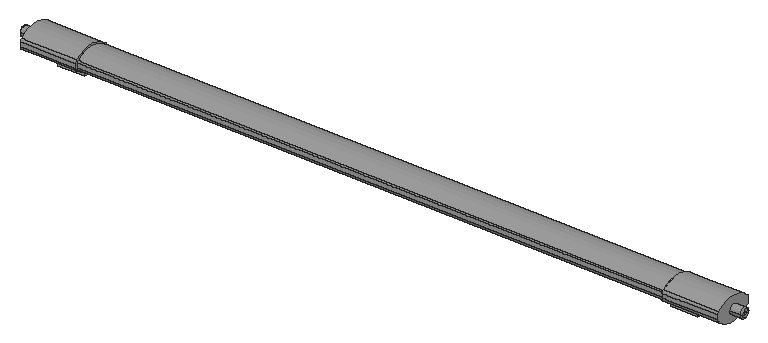
Revit family "0045157 Feilo Sylvania Lighting Fixture START BATTEN  IP65 48W 1500 4K", category Lighting Fixtures, host Face, Revit 2017
Family settings
  Host = Face
  Round Connector Dimension = Use Diameter
  Part Type = Normal
  OmniClass Number = 23.80.70.00
  OmniClass Title = Lighting
  Cut with Voids When Loaded = No
  Light Source = Yes
  Shared = No
  Room Calculation Point = No
Parameters (values of type "0045157 START BATTEN  IP65 48W 1500 4K")
  Weight = "12.213 kg"
  Wattage Comments = ""
  Wattage = 48 W
  WarrantyStartDate [instance] = "n/a"
  WarrantyGuarantorParts = "n/a"
  WarrantyDurationUnit = "n/a"
  WarrantyDurationParts = "n/a"
  WarrantyDescription = "n/a"
  built-in parameter 1150110 = 1 (stored number, unit not read)
  Voltage = 230 V
  URL = "http://www.sylvania-lighting.com"
  TypeName = "START BATTEN  IP65 48W 1500 4K"
  Type Image = <None>
  Type Comments = "n/a"
  built-in parameter 1114217 = 1 (stored number, unit not read)
  Tilt Angle = -90.00°
  built-in parameter 1150109 = 1 (stored number, unit not read)
  built-in parameter 1150134 = 12
  built-in parameter 1150113 = 1 (stored number, unit not read)
  SerialNumber [instance] = "n/a"
  RadiusGlandOuter_FEILO = 10 mm
  RadiusGlandInner_FEILO = 5 mm
  RadiusBody_FEILO = 7 mm
  Photometric Web File = "0045157.ies"
  Material_3_FEILO = none
  PowerFactor = 0
  PowerConsumption = "48 W"
  NominalLength = 1500 mm
  NominalHeight = 53.6 mm
  NominalDepth = 80 mm
  Name = "START BATTEN  IP65 48W 1500 4K"
  ModelReference = Name  # "START BATTEN  IP65 48W 1500 4K"
  ModelNumber = "0045157"
  Model = Name  # "START BATTEN  IP65 48W 1500 4K"
  Material = "polycarbonate housing, pc diffuser"
  ManufacturerName = "Feilo Sylvania"
  Manufacturer = "Feilo Sylvania"
  LuminousEfficacy = "125 lm/W"
  built-in parameter 1150105 = 1591.7 (stored number, unit not read)
  Lumens = 6000 lm
  LuminaireType = ""
  built-in parameter 1150115 = 1 (stored number, unit not read)
  Long_FEILO = yes
  LightOutputRatio = "100"
  built-in parameter 1150137 = (empty or 0)
  built-in parameter 1150139 = (empty or 0)
  LampsType = Lamp  # "LED"
  LampNominalLuminous = "6000 lm"
  LampMacAdamStep = "n/a"
  LampColourTemperature = "4000 K"
  LampColourRenderingIndex = "80"
  built-in parameter 1150112 = 1 (stored number, unit not read)
  built-in parameter 1150114 = 1 (stored number, unit not read)
  Lamp = "LED"
  L3_FEILO = if(Long_FEILO, 1378 mm, 1078 mm)  # 1378 mm
  L2_FEILO = if(Long_FEILO, 1500 mm, 1200 mm)  # 1500 mm
  L1_FEILO = if(Long_FEILO, 1553 mm, 1253 mm)  # 1553 mm
  Keynote = "16500"
  InstallationDate [instance] = "n/a"
  InputVoltage = "220-240V~"
  InputNominalFrequency = "50/60 Hz"
  built-in parameter 1150132 = (empty or 0)
  built-in parameter 1150102 = (empty or 0)
  built-in parameter 1150107 = 4000 (stored number, unit not read)
  built-in parameter 1150138 = (empty or 0)
  IngressProtection = "IP65"
  ImpactProtectionIndex = "IK08"
  built-in parameter 1150106 = 15.917 (stored number, unit not read)
  IfcExportType = "IfcLightFixtureType"
  IfcExportAs = "IfcLightFixtureType"
  ExpectedLife = 50000
  Emit from Rectangle Width = 40 mm
  Emit from Rectangle Length = L3_FEILO - 116 mm  # 1262 mm
  Emit Shape Visible in Rendering = no
  ElectricShockClassification = "Class II"
  built-in parameter 1150104 = 11.613 (stored number, unit not read)
  DurationUnit = "hours"
  DocumentationLiterature = "http://www.sylvania-lighting.com/product/en-int/products/0045157"
  DimmingControlOptions = "n/a"
  Material_2_FEILO = Diffuser-Sylvania-StartBatten
  Dimming Lamp Color Temperature Shift = <None>
  Description = "The new upgraded Start Batten IP65 ( upgraded version of Batten LED LINK) is a versatile range of slimline LED waterproof luminaires that provide an ideal solution for interior and exterior applications such as workshops, garages and outdoor covered spaces. The  design allows the luminaire to be easily linked to another luminaire through an IP65 rated connector. The performance of the range  has been significantly improved ,  for example Start Twin Batten IP65 LED delivers  a performance of up to 6000lm (125lm/W). Available in 1200mm and 1500mm lengths (approx.) - the product can be a slimline replacement for single and twin 36W/58W fluorescent waterproof battens."
  Default Elevation = 1219.2 mm
  CreatedOn = "3/8/2018"
  CreatedBy = ""
  Cost = 0
  Color Filter = 16777215
  built-in parameter 1114216 [instance] = (empty or 0)
  ClassificationValue = "EF_70_80"
  ClassificationName = "Uniclass2015"
  Material_1_FEILO = Body-Sylvania-StartBatten
  BarCode [instance] = "n/a"
  built-in parameter 1114218 = 1 (stored number, unit not read)
  built-in parameter 1150133 = 10 (stored number, unit not read)
  AssetType = "Fixed"
  AssetIdentifier [instance] = "n/a"
  Assembly Code = "D5020200"
  Apparent Load = 48 VA
  Material_4_FEILO = none
Reference planes
  plane 1 "Center (Front/Back)": y = 0
  plane 2: z = 0
  plane 3 "Center (Left/Right)": x = 0
  plane 4: y = 40
  plane 5: y = -40
  plane 6: z = 54
  plane 7: z = 29.5
  plane 8: y = 18
  plane 9: y = -18
  plane 10: z = 37.5
  plane 11: z = 21.5
  plane 12: x = 689
  plane 13: x = -689
  plane 14: x = 750
  plane 15: x = -750
  plane 16: x = 776.5
  plane 17: x = -776.5
  plane 18: x = 631
  plane 19: x = -631
  plane 20: z = 5
  plane 21: y = 5
  plane 22: y = 10
Forms (mm)
  Extrusion 1, solid, material "Body-Sylvania-StartBatten" <- "Material_1_FEILO"
    sketch origin (631, 1524, 1219.2) x (0, 1, 0) y (0, 0, 1)
      loop
        arc (-1561.645, -1179.488) -> (-1563.384, -1181.854) -> (-1564, -1184.725) r 7
        line (-1564, -1184.725) -> (-1564, -1194.675)
        arc (-1564, -1194.675) -> (-1563.384, -1197.546) -> (-1561.645, -1199.912) r 7
        arc (-1561.645, -1199.912) -> (-1524, -1214.2) -> (-1486.355, -1199.912) r 56.735
        arc (-1486.355, -1199.912) -> (-1484.616, -1197.546) -> (-1484, -1194.675) r 7
        line (-1484, -1194.675) -> (-1484, -1184.725)
        arc (-1484, -1184.725) -> (-1484.616, -1181.854) -> (-1486.355, -1179.488) r 7
        arc (-1486.355, -1179.488) -> (-1524, -1165.2) -> (-1561.645, -1179.488) r 56.735
    from 0 to 119
  Extrusion 2, solid, material "Body-Sylvania-StartBatten" <- "Material_1_FEILO"
    sketch origin (-631, 1524, 1219.2) x (0, 1, 0) y (0, 0, 1)
      loop
        arc (-1486.355, -1179.488) -> (-1524, -1165.2) -> (-1561.645, -1179.488) r 56.735
        arc (-1561.645, -1179.488) -> (-1563.384, -1181.854) -> (-1564, -1184.725) r 7
        line (-1564, -1184.725) -> (-1564, -1194.675)
        arc (-1564, -1194.675) -> (-1563.384, -1197.546) -> (-1561.645, -1199.912) r 7
        arc (-1561.645, -1199.912) -> (-1524, -1214.2) -> (-1486.355, -1199.912) r 56.735
        arc (-1486.355, -1199.912) -> (-1484.616, -1197.546) -> (-1484, -1194.675) r 7
        line (-1484, -1194.675) -> (-1484, -1184.725)
        arc (-1484, -1184.725) -> (-1484.616, -1181.854) -> (-1486.355, -1179.488) r 7
    from -119 to 0
  Extrusion 3, solid, material "Diffuser-Sylvania-StartBatten" <- "Material_2_FEILO"
    sketch origin (0, 0, 0) x (0, 1, 0) y (0, 0, 1)
      loop
        arc (36.318, 38.216) -> (0, 52) -> (-36.318, 38.216) r 54.735
        arc (-36.318, 38.216) -> (-37.56, 36.526) -> (-38, 34.475) r 5
        line (-38, 34.475) -> (-38, 24.525)
        arc (-38, 24.525) -> (-37.56, 22.474) -> (-36.318, 20.784) r 5
        arc (-36.318, 20.784) -> (0, 7) -> (36.318, 20.784) r 54.735
        arc (36.318, 20.784) -> (37.56, 22.474) -> (38, 24.525) r 5
        line (38, 24.525) -> (38, 34.475)
        arc (38, 34.475) -> (37.56, 36.526) -> (36.318, 38.216) r 5
    from -631 to 631
  Extrusion 4, solid, material "Body-Sylvania-StartBatten" <- "Material_1_FEILO"
    sketch origin (689, 1524, 1219.2) x (0, 1, 0) y (0, 0, 1)
      loop
        line (-1506, -1219.2) -> (-1506, -1189.7) -> (-1542, -1189.7) -> (-1542, -1219.2) -> (-1506, -1219.2)
    from 0 to -58
  Extrusion 5, solid, material "Body-Sylvania-StartBatten" <- "Material_1_FEILO"
    sketch origin (-689, 1524, 1219.2) x (0, 1, 0) y (0, 0, 1)
      loop
        line (-1506, -1219.2) -> (-1506, -1189.7) -> (-1542, -1189.7) -> (-1542, -1219.2) -> (-1506, -1219.2)
    from 0 to 58
  Revolve 6, solid, material "Body-Sylvania-StartBatten" <- "Material_1_FEILO"
    sketch origin (0, 1219.2, 29.5) x (1, 0, 0) y (0, 1, 0)
      loop
        line (-750, -1219.2) -> (-750, -1209.2) -> (-774, -1209.2)
        arc (-774, -1209.2) -> (-775.768, -1209.932) -> (-776.5, -1211.7) r 2.5
        line (-776.5, -1211.7) -> (-776.5, -1214.2) -> (-766.5, -1214.2) -> (-766.5, -1219.2) -> (-750, -1219.2)
      loop
        line (750, -1219.2) -> (766.5, -1219.2) -> (766.5, -1214.2) -> (776.5, -1214.2) -> (776.5, -1211.7)
        arc (776.5, -1211.7) -> (775.768, -1209.932) -> (774, -1209.2) r 2.5
        line (774, -1209.2) -> (750, -1209.2) -> (750, -1219.2)
      axis (776.5, -1219.2) -> (-776.5, -1219.2)
    angle from 360 to 0
Cuts and joins
  joined: Extrusion 1, Extrusion 4
  joined: Extrusion 2, Extrusion 5
Lines and regions (mm)
  reference lines
    curve 1: circle (0, 0, 29.5) r 5 normal (1, 0, 0)
    curve 2: circle (0, 0, 29.5) r 10 normal (1, 0, 0)
    curve 3: arc (0, -40, 37.5) -> (0, 0, 54) -> (0, 40, 37.5) r 56.735
    curve 4: arc (0, -40, 21.5) -> (0, 0, 5) -> (0, 40, 21.5) r 56.735
Dimensions and locks
  equal spacing: plane 5, plane 1 "Center (Front/Back)", plane 4
  locked: plane 5 to plane 4 at 80
  locked: plane 6 to plane 2 at 54
  locked: plane 7 to plane 2 at 29.5
  equal spacing: plane 9, plane 1 "Center (Front/Back)", plane 8
  plane 9 to plane 1 "Center (Front/Back)" = 18 mm
  locked: plane 11 to plane 7 at 8
  locked: plane 7 to plane 10 at 8
  equal spacing: plane 13, plane 3 "Center (Left/Right)", plane 12
  "L3_FEILO": plane 13 to plane 12
  equal spacing: plane 15, plane 3 "Center (Left/Right)", plane 14
  "L2_FEILO": plane 15 to plane 14
  equal spacing: plane 17, plane 3 "Center (Left/Right)", plane 16
  "L1_FEILO": plane 17 to plane 16
  equal spacing: plane 19, plane 3 "Center (Left/Right)", plane 18
  locked: plane 13 to plane 19 at 58
  locked: plane 20 to plane 2 at 5
  locked: Extrusion 3 sketch curve to plane 6 at 2
  locked: plane 20 to Extrusion 3 sketch curve at 2
  locked: plane 5 to Extrusion 3 sketch curve at 2
  locked: Extrusion 3 sketch curve to plane 4 at 2
  "RadiusGlandInner_FEILO": plane 1 "Center (Front/Back)" to plane 21
  "RadiusGlandOuter_FEILO": plane 1 "Center (Front/Back)" to plane 22
  locked: plane 17 to Revolve 6 sketch curve at 10
  locked: Revolve 6 sketch curve to plane 16 at 10
  "RadiusGlandInner_FEILO": radius of curve 1
  "RadiusGlandOuter_FEILO": radius of curve 2
  "RadiusBody_FEILO": radius of Extrusion 1 sketch curve  (x4)
  aligned and locked: plane 2 to host face
  aligned and locked: level to host face
  aligned and locked: plane 5 to curve 3
  aligned and locked: plane 10 to curve 3  (x2)
  aligned and locked: plane 4 to curve 3
  aligned and locked: plane 4 to curve 4
  aligned and locked: plane 11 to curve 4  (x2)
  aligned and locked: plane 5 to curve 4
  aligned and locked: Extrusion 1 sketch curve to curve 3
  aligned and locked: Extrusion 1 sketch curve to curve 4
  aligned and locked: Extrusion 1 sketch curve to plane 4
  aligned and locked: Extrusion 1 sketch curve to plane 5
  aligned and locked: plane 14 to Extrusion 1
  aligned and locked: Extrusion 1 to plane 18
  aligned and locked: Extrusion 2 sketch curve to Extrusion 1  (x6)
  aligned and locked: Extrusion 2 to plane 15
  aligned and locked: plane 19 to Extrusion 2
  aligned and locked: Extrusion 3 to plane 19
  aligned and locked: plane 18 to Extrusion 3
  aligned and locked: level to Extrusion 4 sketch curve
  aligned and locked: plane 8 to Extrusion 4 sketch curve
  aligned and locked: plane 7 to Extrusion 4 sketch curve
  aligned and locked: Extrusion 4 sketch curve to plane 9
  aligned and locked: Extrusion 4 to plane 12
  aligned and locked: Extrusion 4 to plane 18
  aligned and locked: Extrusion 5 sketch curve to cut or joined group of Extrusion 1, Extrusion 4  (x2)
  aligned and locked: plane 7 to Extrusion 5 sketch curve
  aligned and locked: Extrusion 5 sketch curve to plane 9
  aligned and locked: plane 19 to Extrusion 5
  aligned and locked: Extrusion 5 to plane 13
  aligned and locked: plane 1 "Center (Front/Back)" to Revolve 6 sketch curve  (x4)
  aligned and locked: cut or joined group of Extrusion 2, Extrusion 5 to Revolve 6 sketch curve
  aligned and locked: plane 22 to Revolve 6 sketch curve
  aligned and locked: plane 17 to Revolve 6 sketch curve
  aligned and locked: Revolve 6 sketch curve to plane 21
  aligned and locked: Revolve 6 sketch curve to cut or joined group of Extrusion 1, Extrusion 4
  aligned and locked: Revolve 6 sketch curve to plane 22
  aligned and locked: plane 16 to Revolve 6 sketch curve
  aligned and locked: imposter light to plane 1 "Center (Front/Back)"
  aligned and locked: imposter light to plane 6
Automatic sketch dimensions
  host sketch curve to host sketch curve = 2438.4 mm  (x2)
  curve 1 to curve 2 = 0 mm  (x2)
  curve 2 to plane 1 "Center (Front/Back)" = 0 mm
  plane 7 to curve 2 = 0 mm
  curve 3 to level = 2.735 mm
  curve 4 to plane 6 = 7.735 mm
  Extrusion 1 sketch curve to plane 11 = 3.025 mm  (x2)
  Extrusion 1 sketch curve to plane 7 = 4.975 mm  (x2)
  Extrusion 3 sketch curve to plane 1 "Center (Front/Back)" = 0 mm  (x2)
  Extrusion 3 sketch curve to Extrusion 3 sketch curve = 5 mm  (x4)
  Extrusion 3 sketch curve to level = 2.735 mm
  Extrusion 3 sketch curve to plane 11 = 3.025 mm  (x2)
  plane 10 to Extrusion 3 sketch curve = 3.025 mm  (x2)
  Extrusion 3 sketch curve to plane 6 = 7.735 mm
  plane 21 to Revolve 6 sketch curve = 0 mm
  plane 17 to Revolve 6 sketch curve = 2.5 mm
  Revolve 6 sketch curve to plane 16 = 2.5 mm
  Revolve 6 sketch curve to plane 17 = 747.5 mm
  plane 16 to Revolve 6 sketch curve = 747.5 mm
Connectors
  electrical at (0, 0, 0), driven by "Apparent Load", driven by "PowerFactor", driven by "Voltage"
    settings: index 1, voltage 230 V, apparent load 48 VA, apparent load phase1 0 VA, apparent load phase2 0 VA, apparent load phase3 0 VA, power factor 0, load classification "Lighting", number of poles 1, system type 30, power factor state 1, is connector primary yes, connector utility no, sub classification motor no, connector description ""
